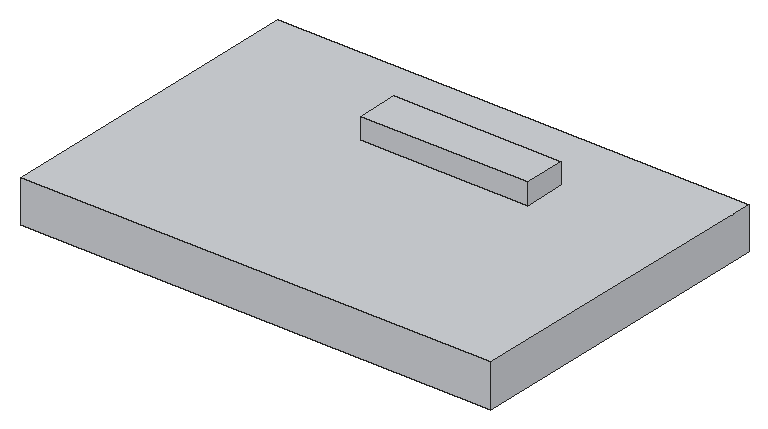
Revit family "M_Iluminação de superfície fixa - Dois transformadores", category Luminárias, Revit 2019
Family settings
  Hospedeiro = Face
  Cota do conector redondo = Utilizar diâmetro
  Tipo de parte = Normal
  Número OmniClass = 23.80.70.11.11
  Título OmniClass = General Luminaries, Non Directional
  ID de item do Seek = Surface Lighting Fixture - Two Ballast-0000-CAN-ENU
  Corte com vazios quando carregada = Não
  Fonte luminosa = Sim
  Compartilhado = Não
  Ponto de cálculo do ambiente = Não
Parameters (values of type "0300x1200 mm(2 Lâmpadas) - 120V")
  Largura1 = Largura da caixa / 2  # 150 mm
  Wattage = 64 W
  built-in parameter 1150110 = 1 (stored number, unit not read)
  built-in parameter 1150109 = 1 (stored number, unit not read)
  built-in parameter 1150134 = 8
  built-in parameter 1150113 = 1 (stored number, unit not read)
  Tilt Angle = -90.00°
  built-in parameter 1150115 = 1 (stored number, unit not read)
  built-in parameter 1150105 = 461.57 (stored number, unit not read)
  Classificação de carga = Iluminação - Unidade de interrupção
  built-in parameter 1150137 = 1
  built-in parameter 1150139 = (empty or 0)
  Comprimento 2 = Comprimento da caixa / 2  # 600 mm
  built-in parameter 1150112 = 1 (stored number, unit not read)
  built-in parameter 1150114 = 1 (stored number, unit not read)
  Lâmpada = "T-8"
  built-in parameter 1150132 = (empty or 0)
  built-in parameter 1150102 = (empty or 0)
  built-in parameter 1150138 = (empty or 0)
  built-in parameter 1150107 = 4230 (stored number, unit not read)
  built-in parameter 1150106 = 4.6157 (stored number, unit not read)
  Emitir da largura do retângulo = Largura da caixa  # 300 mm
  Emit from Rectangle Length = Comprimento da caixa  # 1200 mm
  Emitir forma visível na renderização = no
  built-in parameter 1150104 = 8.4198 (stored number, unit not read)
  Troca de temperatura da cor de lâmpada com esmaecimento = <Nenhum>
  Filtro de cor = 16777215
  Largura da caixa = 300 mm
  Lumens = 5800.32 lm
  built-in parameter 1114217 = 0.88 (stored number, unit not read)
  Comprimento da caixa = 1200 mm
  Comprimento1 = Comprimento da caixa / 3  # 400 mm
  Arquivo de rede fotométrica = "S1x42A12.ies"
  Altura da caixa = 150 mm
  Default Elevation = 1200 mm
  built-in parameter 1140040 [instance] = 1
  Voltagem do transformador = 120 V
  Transformador por número de postes = 1
  built-in parameter 1114218 = 0.88 (stored number, unit not read)
  built-in parameter 1150133 = 10 (stored number, unit not read)
  Assembly Code = ""
  Apparent Load = 64 VA
Types (8, lengths in mm): name | Largura1 | Wattage | built-in parameter 1150105 | built-in parameter 1150137 | Comprimento 2 | built-in parameter 1150132 | built-in parameter 1150106 | Emitir da largura do retângulo | Emit from Rectangle Length | built-in parameter 1150104 | Largura da caixa | Lumens | built-in parameter 1114217 | Comprimento da caixa | Comprimento1 | Arquivo de rede fotométrica | Voltagem do transformador | Apparent Load
  0300x1200 mm(2 Lâmpadas) - 120V | 150 | 64 W | 461.57 (stored number, unit not read) | 1 | 600 | (empty or 0) | 4.6157 (stored number, unit not read) | 300 | 1200 | 8.4198 (stored number, unit not read) | 300 | 5800.32 lm | 0.88 (stored number, unit not read) | 1200 | 400 | "S1x42A12.ies" | 120 V | 64 VA
  0300x1200 mm(2 Lâmpadas) - 277V | 150 | 64 W | 461.57 (stored number, unit not read) | 1 | 600 | (empty or 0) | 4.6157 (stored number, unit not read) | 300 | 1200 | 8.4198 (stored number, unit not read) | 300 | 5800.32 lm | 0.88 (stored number, unit not read) | 1200 | 400 | "S1x42A12.ies" | 277 V | 64 VA
  0600x0600 mm(2 Lâmpadas) - 120V | 300 | 62 W | 445.62 (stored number, unit not read) | 1 | 300 | (empty or 0) | 4.4562 (stored number, unit not read) | 600 | 600 | 8.391 (stored number, unit not read) | 600 | 5599.84 lm | 0.88 (stored number, unit not read) | 600 | 200 | "S2x22UA12.ies" | 120 V | 62 VA
  0600x0600 mm(2 Lâmpadas) - 277V | 300 | 62 W | 445.62 (stored number, unit not read) | 1 | 300 | (empty or 0) | 4.4562 (stored number, unit not read) | 600 | 600 | 8.391 (stored number, unit not read) | 600 | 5599.84 lm | 0.88 (stored number, unit not read) | 600 | 200 | "S2x22UA12.ies" | 277 V | 62 VA
  600x1200 mm (3 lâmpadas) - 120V | 300 | 96 W | 692.36 (stored number, unit not read) | 1 | 600 | (empty or 0) | 6.9236 (stored number, unit not read) | 600 | 1200 | 8.4198 (stored number, unit not read) | 600 | 8700.48 lm | 0.88 (stored number, unit not read) | 1200 | 400 | "S2x43A12.ies" | 120 V | 96 VA
  600x1200 mm (3 lâmpadas) - 277V | 300 | 96 W | 692.32 (stored number, unit not read) | (empty or 0) | 600 | 2 | 6.9232 (stored number, unit not read) | 600 | 1200 | 8.4193 (stored number, unit not read) | 600 | 8700 lm | 0.748 (stored number, unit not read) | 1200 | 400 | "S2x43A12.ies" | 277 V | 96 VA
  1200x1200 mm (6 lâmpadas) - 120V | 600 | 192 W | 1504.1 (stored number, unit not read) | 1 | 600 | (empty or 0) | 15.041 (stored number, unit not read) | 1200 | 1200 | 9.1454 (stored number, unit not read) | 1200 | 18900.5 lm | 0.88 (stored number, unit not read) | 1200 | 400 | "S4x46A12.ies" | 120 V | 192 VA
  1200'x1200 mm (6 lâmpadas) - 277V | 600 | 192 W | 1504.1 (stored number, unit not read) | 1 | 600 | (empty or 0) | 15.041 (stored number, unit not read) | 1200 | 1200 | 9.1454 (stored number, unit not read) | 1200 | 18900.5 lm | 0.88 (stored number, unit not read) | 1200 | 400 | "S4x46A12.ies" | 277 V | 192 VA
Reference planes
  plane 1 "nenhum": y = 438.521
  plane 2: z = 0
  plane 3 "Centro (Esquerda/Direita)": x = -938.852
  plane 4 "Centro (Frente/Trás)": y = 738.521
  plane 5: x = 261.148
  plane 6: z = 150
  plane 7: y = 588.521
  plane 8: x = -538.852
  plane 9: x = -138.852
  plane 10: x = -338.852
Forms (mm)
  Extrusion 1, solid
    sketch origin (0, 0, 0) x (1, 0, 0) y (0, 1, 0)
      loop
        line (-2158.052, 1219.2) -> (-2158.052, -1090.279) -> (1219.2, -1090.279) -> (1219.2, 1219.2) -> (-2158.052, 1219.2)
    from 0 to -304.8
  Extrusion 2, solid
    sketch origin (0, 0, 0) x (1, 0, 0) y (0, 1, 0)
      loop
        line (-938.852, 738.521) -> (-938.852, 438.521) -> (261.148, 438.521) -> (261.148, 738.521) -> (-938.852, 738.521)
    from 0 to 150
  Extrusion 3, solid
    sketch origin (0, 0, 0) x (1, 0, 0) y (0, 1, 0)
      loop
        circle (-538.852, 588.521) r 50.8
      loop
        circle (-138.852, 588.521) r 50.8
    from 0 to 150
Cuts and joins
  joined: Extrusion 2, Extrusion 3
Dimensions and locks
  "Largura da caixa": plane 1 "nenhum" to plane 4 "Centro (Frente/Trás)"
  "Comprimento da caixa": plane 3 "Centro (Esquerda/Direita)" to plane 5
  "Altura da caixa": Extrusion 1 to plane 6
  "Largura1": plane 4 "Centro (Frente/Trás)" to plane 7
  "Comprimento1": plane 3 "Centro (Esquerda/Direita)" to plane 8
  "Comprimento1": plane 9 to plane 5
  "Comprimento 2": plane 3 "Centro (Esquerda/Direita)" to plane 10
  aligned and locked: plane 2 to Extrusion 1
  aligned and locked: level to Extrusion 1
  aligned and locked: plane 3 "Centro (Esquerda/Direita)" to Extrusion 2 sketch curve
  aligned and locked: Extrusion 2 sketch curve to plane 4 "Centro (Frente/Trás)"
  aligned and locked: plane 1 "nenhum" to Extrusion 2 sketch curve
  aligned and locked: Extrusion 2 sketch curve to plane 5
  aligned and locked: Extrusion 2 to plane 6
  aligned and locked: plane 6 to Extrusion 3
  aligned and locked: Extrusion 3 to plane 2
  aligned and locked: plane 7 to imposter light
  aligned and locked: plane 10 to imposter light
  aligned and locked: plane 6 to imposter light
Automatic sketch dimensions
  Extrusion 1 sketch curve to Extrusion 1 sketch curve = 3377.252 mm
  Extrusion 1 sketch curve to Extrusion 1 sketch curve = 2309.479 mm
  Extrusion 3 sketch curve to plane 7 = 0 mm  (x2)
  Extrusion 3 sketch curve to plane 8 = 0 mm
  Extrusion 3 sketch curve to plane 9 = 0 mm
  radius of Extrusion 3 sketch curve = 50.8 mm  (x2)
Connectors
  electrical at (-538.852, 588.521, 150), driven by "Voltagem do transformador", driven by "Apparent Load", driven by "Transformador por número de postes", driven by "Classificação de carga"
    settings: on Extrusion 3, index 1, voltage 120 V, apparent load 0 VA, apparent load phase1 64 VA, apparent load phase2 0 VA, apparent load phase3 0 VA, power factor 0.95, load classification "Iluminação - Unidade de interrupção", number of poles 1, system type 31, power factor state 1, is connector primary yes, connector utility no, sub classification motor no, connector description ""
  electrical at (-138.852, 588.521, 150), driven by "Voltagem do transformador", driven by "Apparent Load", driven by "Transformador por número de postes", driven by "Classificação de carga"
    settings: on Extrusion 3, index 2, voltage 120 V, apparent load 0 VA, apparent load phase1 64 VA, apparent load phase2 0 VA, apparent load phase3 0 VA, power factor 0.95, load classification "Iluminação - Unidade de interrupção", number of poles 1, system type 31, power factor state 1, is connector primary no, connector utility no, sub classification motor no, connector description ""
